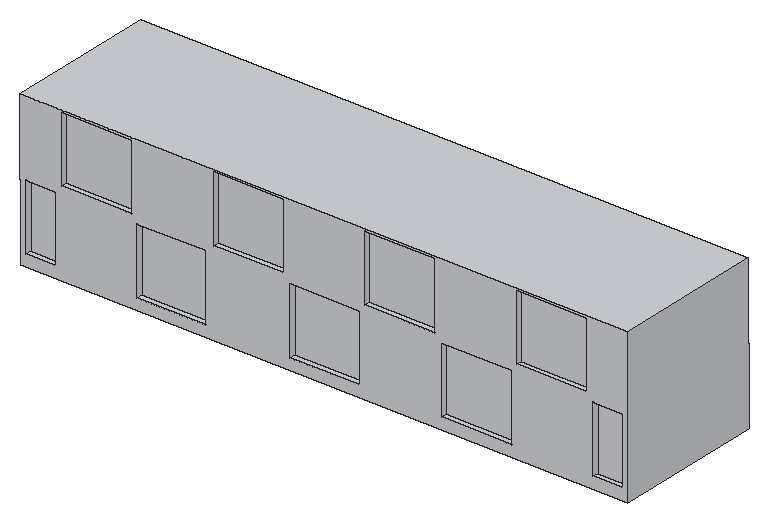
Revit family "SA_3H8W", category Generic Models, Revit 2019
Family settings
  Can host rebar = No
  Round Connector Dimension = Use Diameter
  Part Type = Normal
  Work Plane-Based = No
  Always vertical = Yes
  Cut with Voids When Loaded = No
  Shared = No
  Room Calculation Point = No
Parameters
  Width = 5' - 4 1/2"
  Weight (lbs) = "3172"
  URL = "www.renewaire.com"
  Model = "3H8W SA"
  Manufacturer = "Renewaire LLC"
  Length = 21' - 8 1/2"
  Height = 5' - 5 5/8"
  Description = "Energy Recovery Ventilator"
  Cores (L125-G5) = "24"
  Airflow Range (CFM) = "6,000-26,400"
Reference planes (in)
  plane 1 "Center (Front/Back)": y = 0
  plane 2: z = 0
  plane 3 "Center (Left/Right)": x = 0
Forms (in)
  Extrusion 1, solid
    sketch origin (0, 0, 0) x (1, 0, 0) y (0, 0, 1)
      loop
        line (0, 0) -> (260.5, 0) -> (260.5, 65.5) -> (0, 65.5) -> (0, 0)
    from 0 to 64.5
  Extrusion 2, void
    sketch origin (0.125, -32, -12.10338) x (1, 0, 0) y (0, 0, 1)
      loop
        line (2.375, 45.43107) -> (2.375, 16.93107) -> (15, 16.93107) -> (15, 45.43107) -> (2.375, 45.43107)
      loop
        line (50, 45.43107) -> (50, 16.93107) -> (79.40836, 16.93107) -> (79.40836, 45.43107) -> (50, 45.43107)
      loop
        line (47.75055, 76.93107) -> (17.5, 76.93107) -> (17.5, 48.43107) -> (47.75055, 48.43107) -> (47.75055, 76.93107)
      loop
        line (82.71498, 76.93107) -> (82.71498, 48.43107) -> (112.96498, 48.43107) -> (112.96498, 76.93107) -> (82.71498, 76.93107)
      loop
        line (115.375, 45.43107) -> (115.375, 16.93107) -> (145.625, 16.93107) -> (145.625, 45.43107) -> (115.375, 45.43107)
      loop
        line (147.41792, 76.93107) -> (147.41792, 48.43107) -> (177.66792, 48.43107) -> (177.66792, 76.93107) -> (147.41792, 76.93107)
      loop
        line (180.375, 45.43107) -> (180.375, 16.93107) -> (210.625, 16.93107) -> (210.625, 45.43107) -> (180.375, 45.43107)
      loop
        line (212.5187, 76.93107) -> (212.5187, 48.43107) -> (242.7687, 48.43107) -> (242.7687, 76.93107) -> (212.5187, 76.93107)
      loop
        line (245.375, 45.43107) -> (245.375, 16.93107) -> (258, 16.93107) -> (258, 45.43107) -> (245.375, 45.43107)
    from 30 to 34
  Extrusion 3, void
    sketch origin (0.125, 32, -11.9505) x (1, 0, 0) y (0, 0, 1)
      loop
        line (2.375, 45.43107) -> (2.375, 16.93107) -> (15, 16.93107) -> (15, 45.43107) -> (2.375, 45.43107)
      loop
        line (50, 45.43107) -> (50, 16.93107) -> (79.40836, 16.93107) -> (79.40836, 45.43107) -> (50, 45.43107)
      loop
        line (47.75055, 76.93107) -> (17.5, 76.93107) -> (17.5, 48.43107) -> (47.75055, 48.43107) -> (47.75055, 76.93107)
      loop
        line (81.53281, 76.93107) -> (81.53281, 48.43107) -> (111.78281, 48.43107) -> (111.78281, 76.93107) -> (81.53281, 76.93107)
      loop
        line (114.375, 45.43107) -> (114.375, 16.93107) -> (144.625, 16.93107) -> (144.625, 45.43107) -> (114.375, 45.43107)
      loop
        line (147.37439, 76.93107) -> (147.37439, 48.43107) -> (177.62439, 48.43107) -> (177.62439, 76.93107) -> (147.37439, 76.93107)
      loop
        line (180.375, 45.43107) -> (180.375, 16.93107) -> (210.625, 16.93107) -> (210.625, 45.43107) -> (180.375, 45.43107)
      loop
        line (212.79454, 76.93107) -> (212.79454, 48.43107) -> (243.04454, 48.43107) -> (243.04454, 76.93107) -> (212.79454, 76.93107)
      loop
        line (244.375, 45.43107) -> (244.375, 16.93107) -> (257, 16.93107) -> (257, 45.43107) -> (244.375, 45.43107)
    from 30 to 34
Cuts and joins
  Extrusion 2, Extrusion 3 cuts Extrusion 1
Dimensions and locks (in)
  aligned and locked: plane 2 to level
